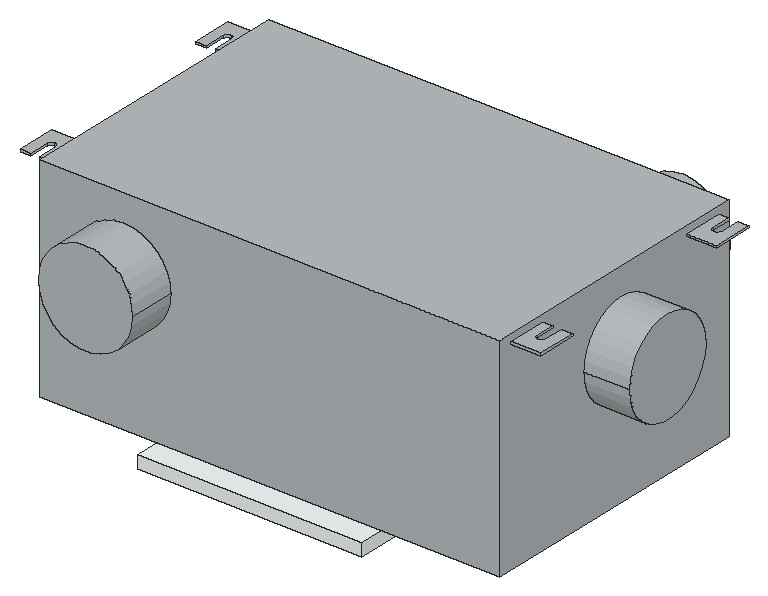
Revit family "sku-25_65hc_60Hz", category 機械設備, Revit 2019
Family settings
  丸型コネクタ寸法 = 直径を使用
  パーツ タイプ = 標準
  OmniClass 番号 = 23.75.10.34.21
  OmniClass タイトル = Heat Exchangers for Ventilation Air
  作業面ベース = いいえ
  常に垂直 = はい
  ロード時にボイドで切り取り = いいえ
  共有 = いいえ
  部屋計算ポイント = はい
Parameters (values of type "SKU-25HC")
  騒音レベル(dB(A)) = 29
  風量 = 250.0 m³/h
  面風速 = 3.93 m/s
  電源種別 [instance] = "一般"
  電圧 = 100 V
  電動機出力 = 0 W
  集中コントローラ = ""
  運転質量 = 0.00 kg
  連動 [instance] = ""
  質量 = if(製品質量 > 運転質量, 製品質量, 運転質量) * 1.2  # 18.60 kg
  負荷分類 = 3_ファン類
  説明 = "店舗用ロスナイ 真下グリル形"
  設計風量 = 0.0 m³/h
  設置方法 = "カセット形"
  記号 [instance] = ""
  製造元 = "三菱電機株式会社"
  製品質量 = 15.50 kg
  製品出荷対象 = "国内"
  製品リリース年月 = "2003/5/1"
  製品グループ = ""
  系統 [instance] = ""
  符号 = "HEU"
  積算_科目 = "1 空気調和設備"
  積算_拾い区分 [instance] = ""
  相 = 1
  盤記号 [instance] = ""
  発停方法 [instance] = "別売スイッチ"
  特殊仕様 [instance] = ""
  火災停止 [instance] = ""
  温度交換効率 = 50.00%
  消費電力 = 81 W
  法定耐用年数 = "15"
  機外静圧_排気 = 20.0 Pa
  機外静圧 = 20.0 Pa
  構成部品 = "排気グリル、ライン形給気グリル"
  極数 = 2
  材質 [instance] = ""
  本体マテリアル = 溶融亜鉛めっき鋼板
  操作・制御方式 = ""
  操作・制御スイッチ = ""
  排気量 = 0.0 m³/h
  形式 = "カセット形"
  幹線記号 [instance] = ""
  対象室 [instance] = ""
  実風量 = 0.0 m³/h
  始動方式 [instance] = "直入"
  天吊金具_径 = 6.5 mm
  天吊金具_幅 = 30 mm
  外気量 = 0.0 m³/h
  呼称 = "全熱交換ユニット"
  周波数 = 60 Hz
  天吊金具ピッチ2 = 330 mm
  天吊金具ピッチ1 = 736 mm
  天吊金具_高さ = 10 mm
  参照している仕様書等のバージョン = ""
  初期抵抗 = 0.0 Pa
  分類コード = "50052504100080"
  分類グループ = ""
  価格 = 123000
  企業コード = "108420"
  付属品_フィルター_還気 = ""
  付属品_フィルター = ""
  付属品 [instance] = ""
  仕様書バージョン = "Version1.0"
  モデル = "SKU-25HC"
  パネルマテリアル = 樹脂成形
  コメント [instance] = ""
  Keynote = ""
  エンタルピ交換効率_暖房 = 38.00%
  エンタルピ交換効率_冷房 = 32.00%
  Assembly Code = ""
  Width = 690 mm
  Version = ""
  Uniclass2015Version = "Systems v1.9"
  Uniclass2015Title = "Thermal wheels"
  Uniclass2015Code = "Pr_60_60_36_88"
  URL = "https://www.mitsubishielectric.co.jp/ldg/wink/ssl/displayProduct.do?pid=42643"
  SpecificationReference = ""
  SpecificationDescription = ""
  Panel_Center = 13 mm
  Duct_W_SA_EA = 220 mm
  Duct_W_OA = 13 mm
  SAサイズ_D = 142 mm
  Revision = ""
  RAサイズ_D = 0 mm
  ProductInformation = ""
  OmniClassCode = "23-27 23 19 11"
  OAサイズ_W = 0 mm
  OAサイズ_D = 142 mm
  MIN風量 = 150.0 m³/h
  MIN静圧 = 0.0 Pa
  MAX風量 = 250.0 m³/h
  MAX静圧 = 10.0 Pa
  IfcTypeProduct = ""
  IfcProduct = ""
  IfcExportType = "ROTARYWHEEL"
  IfcExportAs = "IfcAirToAirHeatRecoveryType"
  Height = 318 mm
  EAサイズ_W = 0 mm
  EAサイズ_D = 142 mm
  Duct_Pitch = 320 mm
  Duct_Height = 111 mm
  Duct_Depth = 70 mm
  Depth = 430 mm
  Panel_Width = 337 mm
  Panel_Height = 18 mm
  Panel_Depth = 505 mm
  Author = "三菱電機株式会社"
Types (4, lengths in mm): name | 騒音レベル(dB(A)) | 風量 | 面風速 | 質量 | 製品質量 | 温度交換効率 | 消費電力 | 機外静圧_排気 | 機外静圧 | 天吊金具ピッチ2 | 天吊金具ピッチ1 | 価格 | モデル | エンタルピ交換効率_暖房 | エンタルピ交換効率_冷房 | Width | URL | Duct_W_SA_EA | Duct_W_OA | SAサイズ_D | OAサイズ_D | MIN風量 | MAX風量 | MAX静圧 | Height | EAサイズ_D | Duct_Height | Duct_Depth | Depth | Panel_Width | Panel_Depth
  SKU-25HC | 29 | 250.0 m³/h | 3.93 m/s | 18.60 kg | 15.50 kg | 50.00% | 81 W | 20.0 Pa | 20.0 Pa | 330 | 736 | 123000 | "SKU-25HC" | 38.00% | 32.00% | 690 | "https://www.mitsubishielectric.co.jp/ldg/wink/ssl/displayProduct.do?pid=42643" | 220 | 13 | 142 | 142 | 150.0 m³/h | 250.0 m³/h | 10.0 Pa | 318 | 142 | 111 | 70 | 430 | 337 | 505
  SKU-35HC | 38 | 350.0 m³/h | 5.5 m/s | 19.20 kg | 16.00 kg | 44.00% | 151 W | 10.0 Pa | 10.0 Pa | 330 | 736 | 140000 | "SKU-35HC" | 32.00% | 26.00% | 690 | "https://www.mitsubishielectric.co.jp/ldg/wink/ssl/displayProduct.do?pid=42644" | 220 | 13 | 142 | 142 | 200.0 m³/h | 350.0 m³/h | 10.0 Pa | 318 | 142 | 111 | 70 | 430 | 337 | 505
  SKU-50HC | 37 | 500.0 m³/h | 4.42 m/s | 31.20 kg | 26.00 kg | 52.00% | 187 W | 20.0 Pa | 20.0 Pa | 420 | 872 | 178000 | "SKU-50HC" | 40.00% | 33.00% | 826 | "https://www.mitsubishielectric.co.jp/ldg/wink/ssl/displayProduct.do?pid=42645" | 262 | 19 | 192 | 192 | 300.0 m³/h | 500.0 m³/h | 10.0 Pa | 390 | 192 | 142 | 85 | 520 | 419 | 595
  SKU-65HC | 41 | 650.0 m³/h | 5.75 m/s | 31.20 kg | 26.00 kg | 47.00% | 261 W | 10.0 Pa | 10.0 Pa | 420 | 872 | 201000 | "SKU-65HC" | 35.00% | 29.00% | 826 | "https://www.mitsubishielectric.co.jp/ldg/wink/ssl/displayProduct.do?pid=42646" | 262 | 19 | 192 | 192 | 380.0 m³/h | 650.0 m³/h | 15.0 Pa | 390 | 192 | 142 | 85 | 520 | 419 | 595
Reference planes
  plane 1 "中心(正面/背面)": y = 0
  plane 2: z = 0
  plane 3 "中心(左/右)": x = 0
  plane 4: x = -345
  plane 5: x = 345
  plane 6: y = 215
  plane 7: y = -215
  plane 8: z = 207
  plane 9: x = -220
  plane 10: y = -285
  plane 11: x = -368
  plane 12: x = 368
  plane 13: y = 165
  plane 14: y = -165
  plane 15: y = 195
  plane 16: y = 135
  plane 17: y = -135
  plane 18: y = -195
  plane 19: z = 308
  plane 20: z = 305
  plane 21: x = -168.5
  plane 22: y = 252.5
  plane 23: y = -252.5
  plane 24: x = 168.5
  plane 25: z = -18
  plane 26: x = -390.5
  plane 27: x = 390.5
  plane 28: x = 220
  plane 29: y = 13
  plane 30: x = 415
  plane 31: z = 318
  plane 32: y = 285
Forms (mm)
  Extrusion 1, solid, material "溶融亜鉛めっき鋼板" <- "本体マテリアル", detail levels fine
    sketch origin (0, 0, 0) x (1, 0, 0) y (0, 1, 0)
      loop
        line (-345, 215) -> (-345, -215) -> (345, -215) -> (345, 215) -> (-345, 215)
    from 318 to 0
  Extrusion 2, solid, material "溶融亜鉛めっき鋼板" <- "本体マテリアル", detail levels fine
    sketch origin (-510, -445, 0) x (1, 0, 0) y (0, 0, 1)
      loop
        circle (290, 207) r 71
    from -230 to -160
  Extrusion 3, solid, material "樹脂成形" <- "パネルマテリアル", detail levels fine
    sketch origin (0, 0, 0) x (1, 0, 0) y (0, 1, 0)
      loop
        line (-168.5, 252.5) -> (-168.5, -252.5) -> (168.5, -252.5) -> (168.5, 252.5) -> (-168.5, 252.5)
    from -18 to 0
  Extrusion 4, solid, material "溶融亜鉛めっき鋼板", detail levels fine
    sketch origin (0, 0, 0) x (1, 0, 0) y (0, 1, 0)
      loop
        line (-345, 195) -> (-390.5, 195) -> (-390.5, 135) -> (-374.5, 135) -> (-374.5, 165)
        arc (-374.5, 165) -> (-368, 171.5) -> (-361.5, 165) r 6.5
        line (-361.5, 165) -> (-361.5, 135) -> (-345, 135) -> (-345, 195)
    from 305 to 308
  Extrusion 5, solid, material "溶融亜鉛めっき鋼板", detail levels fine
    sketch origin (0, 0, 0) x (1, 0, 0) y (0, 1, 0)
      loop
        line (-345, -135) -> (-390.5, -135) -> (-390.5, -195) -> (-374.5, -195) -> (-374.5, -165)
        arc (-374.5, -165) -> (-368, -158.5) -> (-361.5, -165) r 6.5
        line (-361.5, -165) -> (-361.5, -195) -> (-345, -195) -> (-345, -135)
    from 305 to 308
  Extrusion 6, solid, material "溶融亜鉛めっき鋼板", detail levels fine
    sketch origin (0, 0, 0) x (-1, 0, 0) y (0, -1, 0)
      loop
        line (-345, 195) -> (-390.5, 195) -> (-390.5, 135) -> (-374.5, 135) -> (-374.5, 165)
        arc (-374.5, 165) -> (-368, 171.5) -> (-361.5, 165) r 6.5
        line (-361.5, 165) -> (-361.5, 135) -> (-345, 135) -> (-345, 195)
    from 305 to 308
  Extrusion 7, solid, material "溶融亜鉛めっき鋼板", detail levels fine
    sketch origin (0, 420, 0) x (-1, 0, 0) y (0, -1, 0)
      loop
        line (-345, 285) -> (-390.5, 285) -> (-390.5, 225) -> (-374.5, 225) -> (-374.5, 255)
        arc (-374.5, 255) -> (-368, 261.5) -> (-361.5, 255) r 6.5
        line (-361.5, 255) -> (-361.5, 225) -> (-345, 225) -> (-345, 285)
    from 305 to 308
  Extrusion 8, solid, material "溶融亜鉛めっき鋼板" <- "本体マテリアル", detail levels fine
    sketch origin (-510, 445, 0) x (1, 0, 0) y (0, 0, -1)
      loop
        circle (730, -207) r 71
    from -230 to -160
  Extrusion 9, solid, material "溶融亜鉛めっき鋼板" <- "本体マテリアル", detail levels fine
    sketch origin (0, 0, 0) x (0, 1, 0) y (0, 0, 1)
      loop
        circle (13, 207) r 71
    from 345 to 415
Lines and regions (mm)
  Masking region 1, detail levels coarse+medium
    outline origin (1326.5, 29, 0) x (1, 0, 0) y (0, 1, 0)
      loop
        line (-1671.5, 186) -> (-1671.5, -244) -> (-981.5, -244) -> (-981.5, 186) -> (-1671.5, 186)
  symbolic lines, detail levels coarse+medium
    curve 1: line (0, 215, 0) -> (-345, 0, 0)
    curve 2: line (-345, 0, 0) -> (0, -215, 0)
    curve 3: line (0, -215, 0) -> (345, 0, 0)
    curve 4: line (345, 0, 0) -> (0, 215, 0)
Dimensions and locks
  equal spacing: plane 4, plane 3 "中心(左/右)", plane 5
  "Width": plane 4 to plane 5
  equal spacing: plane 6, plane 1 "中心(正面/背面)", plane 7
  "Depth": plane 6 to plane 7
  "Duct_Depth": plane 7 to plane 10
  equal spacing: plane 11, plane 3 "中心(左/右)", plane 12
  "天吊金具ピッチ1": plane 11 to plane 12
  equal spacing: plane 13, plane 1 "中心(正面/背面)", plane 14
  "天吊金具ピッチ2": plane 13 to plane 14
  equal spacing: plane 15, plane 13, plane 16
  locked: plane 19 to plane 20 at 3
  equal spacing: plane 22, plane 1 "中心(正面/背面)", plane 23
  "Panel_Depth": plane 22 to plane 23
  equal spacing: plane 17, plane 14, plane 18
  "天吊金具_幅": plane 14 to plane 18
  "天吊金具_幅": plane 13 to plane 16
  locked: plane 26 to plane 11 at 22.5
  locked: plane 12 to plane 27 at 22.5
  equal spacing: plane 21, plane 3 "中心(左/右)", plane 24
  "Panel_Width": plane 21 to plane 24
  "Duct_W_SA_EA": plane 3 "中心(左/右)" to plane 9
  "Duct_W_SA_EA": plane 3 "中心(左/右)" to plane 28
  "Duct_W_OA": plane 1 "中心(正面/背面)" to plane 29
  "Duct_Depth": plane 5 to plane 30
  "Height": plane 31 to level
  "Duct_Height": plane 31 to plane 8
  "Panel_Height": level to plane 25
  "天吊金具_高さ": plane 31 to plane 19
  "Duct_Depth": plane 32 to plane 6
  "SAサイズ_D": diameter of Extrusion 2 sketch curve
  "天吊金具_径": radius of Extrusion 4 sketch curve
  "天吊金具_径": radius of Extrusion 5 sketch curve
  "天吊金具_径": radius of Extrusion 6 sketch curve
  "天吊金具_径": radius of Extrusion 7 sketch curve
  "EAサイズ_D": diameter of Extrusion 8 sketch curve
  "OAサイズ_D": diameter of Extrusion 9 sketch curve
  aligned and locked: level to plane 2
  aligned and locked: Masking region 1 to plane 4
  aligned and locked: plane 5 to Masking region 1
  aligned and locked: plane 6 to Masking region 1
  aligned and locked: Masking region 1 to plane 7
  aligned and locked: plane 12 to nested 1
  aligned and locked: plane 11 to nested 1
  aligned and locked: nested 1 to plane 14
  aligned and locked: plane 13 to nested 1
  aligned and locked: Extrusion 2 to plane 10
  aligned and locked: plane 7 to Extrusion 2
  aligned and locked: Extrusion 3 sketch curve to plane 22
  aligned and locked: plane 21 to Extrusion 3 sketch curve
  aligned and locked: plane 23 to Extrusion 3 sketch curve
  aligned and locked: Extrusion 3 sketch curve to plane 24
  aligned and locked: Extrusion 3 to plane 25
  aligned and locked: plane 4 to Extrusion 4 sketch curve
  aligned and locked: plane 15 to Extrusion 4 sketch curve
  aligned and locked: Extrusion 4 sketch curve to plane 26
  aligned and locked: Extrusion 4 sketch curve to plane 16  (x2)
  aligned and locked: plane 17 to Extrusion 5 sketch curve
  aligned and locked: plane 4 to Extrusion 5 sketch curve
  aligned and locked: Extrusion 5 sketch curve to plane 26
  aligned and locked: Extrusion 5 sketch curve to plane 18  (x2)
  aligned and locked: Extrusion 6 sketch curve to plane 18
  aligned and locked: Extrusion 6 sketch curve to plane 5
  aligned and locked: Extrusion 6 sketch curve to plane 27
  aligned and locked: Extrusion 7 sketch curve to plane 27
  aligned and locked: Extrusion 7 sketch curve to plane 16
  aligned and locked: Extrusion 7 sketch curve to plane 5
  aligned and locked: plane 15 to Extrusion 7 sketch curve  (x2)
  aligned and locked: Extrusion 5 to plane 20
  aligned and locked: plane 19 to Extrusion 5
  aligned and locked: Extrusion 4 to plane 20
  aligned and locked: plane 19 to Extrusion 4
  aligned and locked: Extrusion 6 to plane 20
  aligned and locked: plane 19 to Extrusion 6
  aligned and locked: Extrusion 7 to plane 20
  aligned and locked: plane 19 to Extrusion 7
  aligned and locked: plane 30 to Extrusion 9
  aligned and locked: Extrusion 9 to plane 5
  aligned and locked: Extrusion 1 to plane 31
  aligned and locked: Extrusion 1 to level
  aligned and locked: level to Extrusion 3
  aligned and locked: plane 32 to Extrusion 8
  aligned and locked: Extrusion 8 to plane 6
Automatic sketch dimensions
  plane 1 "中心(正面/背面)" to curve 1 = 0 mm
  curve 1 to plane 4 = 0 mm
  curve 2 to plane 3 "中心(左/右)" = 0 mm
  curve 4 to plane 3 "中心(左/右)" = 0 mm
  plane 1 "中心(正面/背面)" to curve 4 = 0 mm
  curve 4 to plane 5 = 0 mm
  curve 2 to plane 7 = 0 mm
  curve 4 to plane 6 = 0 mm
  Extrusion 1 sketch curve to plane 4 = 0 mm
  Extrusion 1 sketch curve to plane 5 = 0 mm
  Extrusion 1 sketch curve to plane 7 = 0 mm
  Extrusion 1 sketch curve to plane 6 = 0 mm
  Masking region 1 sketch curve to plane 4 = 0 mm
  Masking region 1 sketch curve to plane 5 = 0 mm
  Masking region 1 sketch curve to plane 7 = 0 mm
  Masking region 1 sketch curve to plane 6 = 0 mm
  Extrusion 2 sketch curve to plane 8 = 0 mm
  Extrusion 2 sketch curve to plane 9 = 0 mm
  Extrusion 4 sketch curve to plane 13 = 0 mm
  Extrusion 4 sketch curve to plane 11 = 0 mm
  Extrusion 5 sketch curve to plane 14 = 0 mm
  Extrusion 5 sketch curve to plane 11 = 0 mm
  Extrusion 6 sketch curve to plane 17 = 0 mm  (x2)
  Extrusion 6 sketch curve to plane 14 = 0 mm
  Extrusion 6 sketch curve to plane 12 = 0 mm
  Extrusion 7 sketch curve to plane 13 = 0 mm
  Extrusion 7 sketch curve to plane 12 = 0 mm
  Extrusion 8 sketch curve to plane 8 = 0 mm
  plane 28 to Extrusion 8 sketch curve = 0 mm
  Extrusion 9 sketch curve to plane 8 = 0 mm
  Extrusion 9 sketch curve to plane 29 = 0 mm
Nested families
  nested 1: "固定点" at (-368, -165, 0), type "固定点"
    with W 736 mm, D 330 mm
Connectors
  hvac at (-220, -285, 207), driven by "SAサイズ_D", driven by "風量", driven by "機外静圧"
    settings: on Extrusion 2, index 10, duct flow 250.0 m³/h, flow factor 0, pres drop 20.0 Pa, loss coef 0, conn angle 0.00°, conn width 304.8 mm, conn height 304.8 mm, conn diameter 142 mm, duct sys type 3, conn prof type 0, flow config 0, flow direction 2, loss method 4, conn ref index -1, conn util no, is conn primary yes, conn desc ""
  hvac at (220, 285, 207), driven by "SAサイズ_D", driven by "風量", driven by "機外静圧"
    settings: on Extrusion 8, index 12, duct flow 250.0 m³/h, flow factor 0, pres drop 20.0 Pa, loss coef 0, conn angle 0.00°, conn width 304.8 mm, conn height 304.8 mm, conn diameter 142 mm, duct sys type 3, conn prof type 0, flow config 0, flow direction 2, loss method 4, conn ref index -1, conn util no, is conn primary no, conn desc ""
  electrical at (0, 0, 318), driven by "極数", driven by "負荷分類", driven by "電圧", driven by "消費電力"
    settings: on Extrusion 1, index 13, voltage 100 V, apparent load 81 VA, apparent load phase1 0 VA, apparent load phase2 0 VA, apparent load phase3 0 VA, power factor 1, load classification "3_ファン類", number of poles 2, system type 30, power factor state 1, is connector primary yes, connector utility no, sub classification motor no, connector description ""
  hvac at (415, 13, 207), driven by "OAサイズ_D", driven by "外気量", driven by "機外静圧"
    settings: on Extrusion 9, index 14, duct flow 0.0 m³/h, flow factor 0, pres drop 20.0 Pa, loss coef 0, conn angle 0.00°, conn width 304.8 mm, conn height 304.8 mm, conn diameter 142 mm, duct sys type 4, conn prof type 0, flow config 0, flow direction 1, loss method 4, conn ref index -1, conn util no, is conn primary no, conn desc ""
Definition of nested family "固定点"
  Parameters (values of type "固定点")
    中心円 = 20 mm
    W [instance] = 1000 mm
    D [instance] = 1000 mm
  Reference planes
    plane 1 "中心(正面/背面)": y = 0
    plane 2: z = 0
    plane 3 "中心(左/右)": x = 0
    plane 4: x = 1000
    plane 5: y = 1000
  Lines and regions (mm)
    symbolic lines, detail levels fine
      curve 1: circle (0, 1000, 0) r 10 normal (0, 0, 1)
      curve 2: circle (0, 0, 0) r 10 normal (0, 0, 1)
      curve 3: circle (1000, 1000, 0) r 10 normal (0, 0, 1)
      curve 4: circle (1000, 0, 0) r 10 normal (0, 0, 1)
      curve 5: line (-200, 1000, 0) -> (1200, 1000, 0)
      curve 6: line (-200, 0, 0) -> (1200, 0, 0)
      curve 7: line (0, 1200, 0) -> (0, -200, 0)
      curve 8: line (1000, 1200, 0) -> (1000, -200, 0)
  Dimensions and locks
    "W": plane 3 "中心(左/右)" to plane 4
    "D": plane 1 "中心(正面/背面)" to plane 5
    "中心円": diameter of curve 1
    "中心円": diameter of curve 2
    "中心円": diameter of curve 3
    "中心円": diameter of curve 4
    aligned and locked: level to plane 2
    aligned and locked: plane 5 to curve 1
    aligned and locked: plane 3 "中心(左/右)" to curve 1
    aligned and locked: plane 3 "中心(左/右)" to curve 2
    aligned and locked: plane 1 "中心(正面/背面)" to curve 2
    aligned and locked: plane 4 to curve 3
    aligned and locked: plane 5 to curve 3
    aligned and locked: plane 1 "中心(正面/背面)" to curve 4
    aligned and locked: plane 4 to curve 4
    aligned and locked: plane 1 "中心(正面/背面)" to curve 6
    aligned and locked: curve 7 to plane 3 "中心(左/右)"
    aligned and locked: curve 8 to plane 4
  Automatic sketch dimensions
    curve 5 to plane 5 = 0 mm
    curve 6 to plane 3 "中心(左/右)" = 200 mm
    curve 5 to plane 3 "中心(左/右)" = 200 mm
    curve 4 to curve 6 = 200 mm
    curve 3 to curve 5 = 200 mm
    plane 1 "中心(正面/背面)" to curve 8 = 200 mm
    plane 1 "中心(正面/背面)" to curve 7 = 200 mm
    curve 3 to curve 8 = 200 mm
    curve 1 to curve 7 = 200 mm
